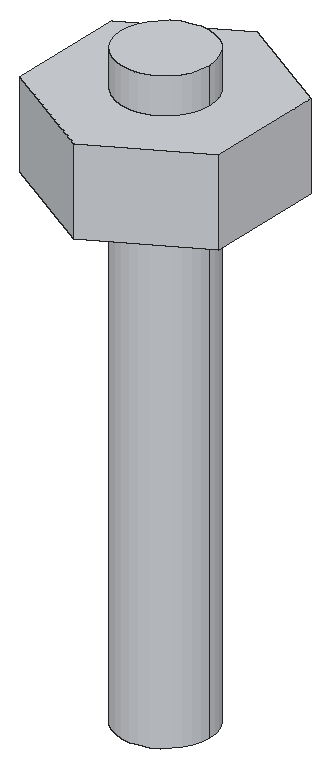
Revit family "Ground Fixing", category Structural Connections, Revit 2024
Family settings
  Material for Model Behavior = Other
  Work Plane-Based = No
  Enable Cutting in Views = Yes
  Always vertical = Yes
  Cut with Voids When Loaded = Yes
  Shared = No
Parameters (values of type "M10x85/25-15")
  Width = 3.14961"
  Void Diameter = 0.74803"
  Thickness = 0.07874"
  Placement Offset = 0.07874"
  Nut Height = 0.47244"
  Nut Radius = 0.55118"
  Height = 1.49606"
  Description = "CRCCLIP"
  Depth = 1.49606"
  Bolt Length = 3.34646"
  Bolt Diameter = 0.49213"
  Bolt Depth = 2.55906"
Types (2): name
  Generic Bolt
  M10x85/25-15
Reference planes (in)
  plane 1 "Center (Front/Back)": y = 0
  plane 2: z = 0
  plane 3 "Center (Left/Right)": x = 0
  plane 4 "Base Height": z = 0.07874
  plane 5 "Washer Height": z = 0.11811
  plane 6 "Nut Height": z = 0.59055
  plane 7 "Bottom": z = -2.55906
  plane 8 "Top": z = 0.7874
Forms (in)
  Extrusion 1, solid
    sketch origin (0, 0, 0) x (1, 0, 0) y (0, 1, 0)
      loop
        circle (0, 0) r 0.24606
    from -2.55906 to 0.7874
  Extrusion 2, void
    sketch origin (0, 0, 0) x (1, 0, 0) y (0, 1, 0)
      loop
        circle (0, 0) r 0.37402
    from -2.55906 to 0
  Extrusion 3, solid
    sketch origin (0, 0, 0) x (1, 0, 0) y (0, 1, 0)
      loop
        circle (0, 0) r 0.24606
      loop
        line (0, 0.63645) -> (-0.55118, 0.31822) -> (-0.55118, -0.31822) -> (0, -0.63645) -> (0.55118, -0.31822) -> (0.55118, 0.31822) -> (0, 0.63645)
    from 0.11811 to 0.59055
Dimensions and locks (in)
  "Placement Offset": plane 4 "Base Height" to level
  "Nut Height": plane 6 "Nut Height" to plane 5 "Washer Height"
  "Bolt Depth": level to plane 7 "Bottom"
  "Bolt Length": plane 8 "Top" to plane 7 "Bottom"
  "Nut Radius": Extrusion 3 sketch curve to Extrusion 3 sketch curve  (x6)
  "Bolt Diameter": diameter of Extrusion 1 sketch curve
  "Void Diameter": diameter of Extrusion 2 sketch curve
  "Bolt Diameter": diameter of Extrusion 3 sketch curve
  angle Extrusion 3 sketch curve to Extrusion 3 sketch curve = 120.00°  (x6)
  aligned and locked: level to plane 2
  aligned and locked: Extrusion 2 to plane 7 "Bottom"
  aligned and locked: Extrusion 3 to plane 5 "Washer Height"
  aligned and locked: plane 6 "Nut Height" to Extrusion 3
  aligned and locked: Extrusion 1 to plane 7 "Bottom"
  aligned and locked: plane 8 "Top" to Extrusion 1
  aligned and locked: level to Extrusion 2
Automatic sketch dimensions
  plane 1 "Center (Front/Back)" to Extrusion 1 sketch curve = 0"
  Extrusion 1 sketch curve to plane 3 "Center (Left/Right)" = 0"
  plane 1 "Center (Front/Back)" to Extrusion 2 sketch curve = 0"
  Extrusion 2 sketch curve to plane 3 "Center (Left/Right)" = 0"
  Extrusion 3 sketch curve to plane 3 "Center (Left/Right)" = 0"
  plane 1 "Center (Front/Back)" to Extrusion 3 sketch curve = 0"
